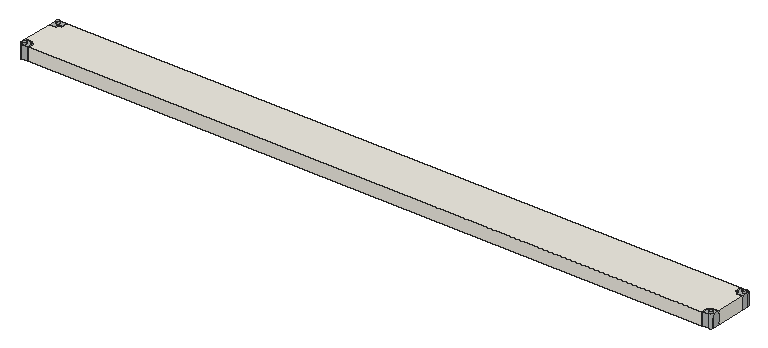
Revit family "HIGHTECH", category Осветительные приборы, Revit 2019 (continued)
Types (32, lengths in mm): name | Файл фотометрической сетки | built-in parameter 1150105 | Lumens | built-in parameter 1150106 | built-in parameter 1150142 | Wattage | Emit from Rectangle Width | Emit from Rectangle Length | Длина | Ширина | ADSK_Ток | ADSK_Полная мощность | ADSK_Обозначение | ADSK_Номинальная мощность | ADSK_Наименование | ADSK_Масса | ADSK_Код изделия
  Hightech-76/opal-sand 295х1195 (IP54, 4000К, белый) | "Светильник HIGHTECH-76 OPAL-SAND-(295x1195).ies" | 604.79 (stored number, unit not read) | 7600 lm | 6.0479 (stored number, unit not read) | "IESNA:LM-63-1995\r\n[TEST] Протокол №335/16 от 03.11.2016г. Испытательная лаборатория Государственного предприятия \"ЦСОТ НАН Беларуси\"\r\n[MORE] FFFFFFFD4B5B12BA015C1433E5FB5F5B8\r\n[DATA] 02.11.2016\r\n[MANUFAC] ЗАО \"Центрстройсвет\"\r\n[LUMCAT] Светильник HIGHTECH-76/OPAL-SAND-(295X1195)\r\n[LUMINAIRE] офисное освещение\r\n[LAMP] \r\nTILT=NONE\r\n1    -1.0   1.000 91 181 1 2   0.295   1.195   0.04\r\n1.0  1.0   75.50\r\n0.0 2.0 4.0 6.0 8.0 10.0 12.0 14.0 16.0 18.0 20.0 22.0 24.0 26.0 28.0 30.0 32.0 34.0 36.0 38.0 40.0 42.0 44.0 46.0 48.0 50.0 52.0 54.0 56.0 58.0 60.0 62.0 64.0 66.0 68.0 70.0 72.0 74.0 76.0 78.0 80.0 82.0 84.0 86.0 88.0 90.0 92.0 94.0 96.0 98.0 100.0 102.0 104.0 106.0 108.0 110.0 112.0 114.0 116.0 118.0 120.0 122.0 124.0 126.0 128.0 130.0 132.0 134.0 136.0 138.0 140.0 142.0 144.0 146.0 148.0 150.0 152.0 154.0 156.0 158.0 160.0 162.0 164.0 166.0 168.0 170.0 172.0 174.0 176.0 178.0 180.0 \r\n0.0 2.0 4.0 6.0 8.0 10.0 12.0 14.0 16.0 18.0 20.0 22.0 24.0 26.0 28.0 30.0 32.0 34.0 36.0 38.0 40.0 42.0 44.0 46.0 48.0 50.0 52.0 54.0 56.0 58.0 60.0 62.0 64.0 66.0 68.0 70.0 72.0 74.0 76.0 78.0 80.0 82.0 84.0 86.0 88.0 90.0 92.0 94.0 96.0 98.0 100.0 102.0 104.0 106.0 108.0 110.0 112.0 114.0 116.0 118.0 120.0 122.0 124.0 126.0 128.0 130.0 132.0 134.0 136.0 138.0 140.0 142.0 144.0 146.0 148.0 150.0 152.0 154.0 156.0 158.0 160.0 162.0 164.0 166.0 168.0 170.0 172.0 174.0 176.0 178.0 180.0 182.0 184.0 186.0 188.0 190.0 192.0 194.0 196.0 198.0 200.0 202.0 204.0 206.0 208.0 210.0 212.0 214.0 216.0 218.0 220.0 222.0 224.0 226.0 228.0 230.0 232.0 234.0 236.0 238.0 240.0 242.0 244.0 246.0 248.0 250.0 252.0 254.0 256.0 258.0 260.0 262.0 264.0 266.0 268.0 270.0 272.0 274.0 276.0 278.0 280.0 282.0 284.0 286.0 288.0 290.0 292.0 294.0 296.0 298.0 300.0 302.0 304.0 306.0 308.0 310.0 312.0 314.0 316.0 318.0 320.0 322.0 324.0 326.0 328.0 330.0 332.0 334.0 336.0 338.0 340.0 342.0 344.0 346.0 348.0 350.0 352.0 354.0 356.0 358.0 360.0 \r\n2755.907 2758.554 2753.161 2748.260 2733.459 2716.893 2696.309 2668.372 2638.377 2600.932 2557.411 2512.908 2465.466 2414.396 2357.836 2298.435 2239.229 2172.084 \r\n2104.547 2034.166 1962.708 1888.308 1811.654 1733.628 1653.446 1571.400 1488.670 1404.175 1318.796 1228.811 1141.474 1053.841 965.425 877.106 788.985 701.940 615.582 530.596 \r\n448.650 369.055 293.774 222.217 154.582 93.612 39.699 3.823 3.823 3.725 3.627 3.529 3.431 3.332 3.234 3.137 3.137 3.039 2.941 2.842 2.744 2.647 2.549 2.450 2.450 2.352 2.254 2.157 2.059 1.960 1.862 \r\n1.764 1.764 1.667 1.569 1.470 1.372 1.274 1.177 1.078 1.078 0.980 0.882 0.784 0.687 0.588 0.490 0.392 0.392 0.294 0.196 0.098 0.000 \r\n2755.907 2758.455 2753.064 2748.065 2733.166 2716.501 2695.819 2667.784 2637.692 2600.247 2556.724 2512.124 2464.681 2413.513 2356.954 2297.552 2238.249 2171.202 \r\n2103.565 2033.186 1961.727 1887.328 1810.674 1732.648 1652.465 1570.518 1487.788 1403.292 1317.816 1227.930 1140.689 1053.058 964.837 876.519 788.396 701.548 615.190 530.303 \r\n448.356 368.859 293.578 222.119 154.483 93.612 39.601 3.823 3.725 3.725 3.627 3.529 3.431 3.332 3.234 3.137 3.039 3.039 2.941 2.842 2.744 2.647 2.549 2.450 2.352 2.352 2.254 2.157 2.059 1.960 1.862 \r\n1.764 1.667 1.667 1.569 1.470 1.372 1.274 1.177 1.078 0.980 0.980 0.882 0.784 0.687 0.588 0.490 0.392 0.294 0.294 0.196 0.098 0.000 \r\n2755.907 2758.357 2752.868 2747.770 2732.871 2716.011 2695.329 2667.294 2637.005 2599.462 2556.039 2511.438 2463.897 2412.631 2356.072 2296.670 2237.269 2170.221 \r\n2102.585 2032.205 1960.747 1886.347 1809.694 1731.668 1651.485 1569.538 1486.905 1402.410 1316.934 1227.146 1139.905 1052.371 964.150 876.029 787.906 701.057 614.798 530.008 \r\n448.061 368.663 293.480 222.022 154.386 93.514 39.504 3.823 3.725 3.725 3.627 3.529 3.431 3.332 3.234 3.137 3.039 3.039 2.941 2.842 2.744 2.647 2.549 2.450 2.352 2.352 2.254 2.157 2.059 1.960 1.862 \r\n1.764 1.667 1.667 1.569 1.470 1.372 1.274 1.177 1.078 0.980 0.980 0.882 0.784 0.687 0.588 0.490 0.392 0.294 0.294 0.196 0.098 0.000 \r\n2755.907 2758.259 2752.770 2747.477 2732.577 2715.619 2694.741 2666.706 2636.319 2598.776 2555.352 2510.654 2463.113 2411.749 2355.190 2295.788 2236.289 2169.241 \r\n2101.605 2031.323 1959.767 1885.367 1808.713 1730.687 1650.505 1568.656 1485.925 1401.528 1316.052 1226.361 1139.219 1051.684 963.465 875.440 787.416 700.567 614.406 529.616 \r\n447.866 368.467 293.283 221.923 154.288 93.514 39.504 3.823 3.725 3.725 3.627 3.529 3.431 3.332 3.234 3.137 3.039 3.039 2.941 2.842 2.744 2.647 2.549 2.450 2.352 2.352 2.254 2.157 2.059 1.960 1.862 \r\n1.764 1.667 1.667 1.569 1.470 1.372 1.274 1.177 1.078 0.980 0.980 0.882 0.784 0.687 0.588 0.490 0.392 0.294 0.294 0.196 0.098 0.000 \r\n2755.907 2758.161 2752.671 2747.280 2732.283 2715.227 2694.250 2666.117 2635.633 2598.090 2554.764 2509.967 2462.329 2410.964 2354.406 2294.906 2235.309 2168.359 \r\n2100.625 2030.343 1958.787 1884.387 1807.733 1729.707 1649.525 1567.676 1485.043 1400.646 1315.072 1225.479 1138.435 1050.901 962.876 874.852 786.926 700.176 614.013 529.323 \r\n447.571 368.272 293.088 221.825 154.190 93.415 39.405 3.823 3.725 3.725 3.627 3.529 3.431 3.332 3.234 3.137 3.039 3.039 2.941 2.842 2.744 2.647 2.549 2.450 2.352 2.352 2.254 2.157 2.059 1.960 1.862 \r\n1.764 1.667 1.667 1.569 1.470 1.372 1.274 1.177 1.078 0.980 0.980 0.882 0.784 0.687 0.588 0.490 0.392 0.294 0.294 0.196 0.098 0.000 \r\n2755.907 2757.965 2752.574 2746.987 2731.989 2714.835 2693.662 2665.530 2635.045 2597.404 2554.078 2509.184 2461.545 2410.082 2353.524 2294.024 2234.328 2167.378 \r\n2099.743 2029.363 1957.708 1883.309 1806.753 1728.727 1648.643 1566.794 1484.161 1399.764 1314.190 1224.695 1137.651 1050.214 962.190 874.264 786.338 699.685 613.621 529.028 \r\n447.278 368.075 292.990 221.727 154.190 93.415 39.405 3.823 3.725 3.627 3.627 3.529 3.431 3.332 3.234 3.137 3.039 3.039 2.941 2.842 2.744 2.647 2.549 2.450 2.352 2.352 2.254 2.157 2.059 1.960 1.862 \r\n1.764 1.667 1.667 1.569 1.470 1.372 1.274 1.177 1.078 0.980 0.980 0.882 0.784 0.687 0.588 0.490 0.392 0.294 0.294 0.196 0.098 0.000 \r\n2755.907 2757.867 2752.378 2746.692 2731.695 2714.443 2693.172 2665.040 2634.358 2596.718 2553.392 2508.497 2460.760 2409.200 2352.642 2293.141 2233.348 2166.398 \r\n2098.763 2028.383 1956.728 1882.328 1805.773 1727.747 1647.662 1565.814 1483.181 1398.881 1313.307 1223.911 1136.965 1049.529 961.603 873.675 785.848 699.195 613.230 528.734 \r\n446.983 367.879 292.793 221.629 154.091 93.317 39.307 3.823 3.725 3.627 3.627 3.529 3.431 3.332 3.234 3.137 3.039 2.941 2.941 2.842 2.744 2.647 2.549 2.450 2.352 2.352 2.254 2.157 2.059 1.960 1.862 \r\n1.764 1.667 1.667 1.569 1.470 1.372 1.274 1.177 1.078 0.980 0.980 0.882 0.784 0.687 0.588 0.490 0.392 0.294 0.294 0.196 0.098 0.000 \r\n2755.907 2757.769 2752.279 2746.497 2731.302 2713.953 2692.682 2664.452 2633.673 2596.031 2552.705 2507.713 2459.976 2408.417 2351.759 2292.259 2232.368 2165.418 \r\n2097.782 2027.403 1955.748 1881.348 1804.694 1726.767 1646.682 1564.931 1482.299 1398.097 1312.327 1223.029 1136.181 1048.842 960.916 873.088 785.357 698.803 612.838 528.342 \r\n446.788 367.683 292.598 221.532 153.993 93.220 39.209 3.823 3.725 3.627 3.627 3.529 3.431 3.332 3.234 3.137 3.039 2.941 2.941 2.842 2.744 2.647 2.549 2.450 2.352 2.352 2.254 2.157 2.059 1.960 1.862 \r\n1.764 1.667 1.667 1.569 1.470 1.372 1.274 1.177 1.078 0.980 0.980 0.882 0.784 0.687 0.588 0.490 0.392 0.294 0.294 0.196 0.098 0.000 \r\n2755.907 2757.671 2752.181 2746.202 2731.009 2713.561 2692.094 2663.863 2632.986 2595.346 2552.020 2507.027 2459.192 2407.534 2350.877 2291.377 2231.387 2164.536 \r\n2096.802 2026.520 1954.768 1880.368 1803.714 1725.787 1645.702 1563.951 1481.416 1397.215 1311.445 1222.245 1135.396 1048.058 960.229 872.500 784.867 698.313 612.446 528.048 \r\n446.493 367.487 292.500 221.433 153.896 93.220 39.209 3.823 3.725 3.627 3.627 3.529 3.431 3.332 3.234 3.137 3.039 2.941 2.941 2.842 2.744 2.647 2.549 2.450 2.352 2.254 2.254 2.157 2.059 1.960 1.862 \r\n1.764 1.667 1.667 1.569 1.470 1.372 1.274 1.177 1.078 0.980 0.980 0.882 0.784 0.687 0.588 0.490 0.392 0.294 0.294 0.196 0.098 0.000 \r\n2755.907 2757.573 2752.084 2745.908 2730.715 2713.169 2691.603 2663.275 2632.300 2594.659 2551.333 2506.341 2458.408 2406.652 2349.995 2290.495 2230.407 2163.556 \r\n2095.822 2025.539 1953.788 1879.388 1802.734 1724.806 1644.722 1563.069 1480.436 1396.332 1310.465 1221.460 1134.711 1047.372 959.642 872.010 784.279 697.921 612.053 527.754 \r\n446.199 367.193 292.303 221.335 153.798 93.122 39.111 3.823 3.725 3.627 3.627 3.529 3.431 3.332 3.234 3.137 3.039 2.941 2.941 2.842 2.744 2.647 2.549 2.450 2.352 2.254 2.254 2.157 2.059 1.960 1.862 \r\n1.764 1.667 1.667 1.569 1.470 1.372 1.274 1.177 1.078 0.980 0.980 0.882 0.784 0.687 0.588 0.490 0.392 0.294 0.294 0.196 0.098 0.000 \r\n2755.907 2757.475 2751.986 2745.615 2730.420 2712.777 2691.113 2662.785 2631.614 2593.973 2550.648 2505.556 2457.624 2405.770 2349.113 2289.612 2229.426 2162.576 \r\n2094.842 2024.559 1952.709 1878.309 1801.754 1723.826 1643.742 1562.089 1479.554 1395.450 1309.583 1220.578 1133.926 1046.685 958.956 871.421 783.789 697.431 611.661 527.459 \r\n445.905 366.997 292.108 221.237 153.798 93.122 39.013 3.823 3.725 3.627 3.529 3.529 3.431 3.332 3.234 3.137 3.039 2.941 2.941 2.842 2.744 2.647 2.549 2.450 2.352 2.254 2.254 2.157 2.059 1.960 1.862 \r\n1.764 1.667 1.667 1.569 1.470 1.372 1.274 1.177 1.078 0.980 0.980 0.882 0.784 0.687 0.588 0.490 0.392 0.294 0.294 0.196 0.098 0.000 \r\n2755.907 2757.279 2751.789 2745.418 2730.127 2712.384 2690.525 2662.197 2631.026 2593.287 2550.059 2504.871 2456.839 2404.985 2348.231 2288.730 2228.446 2161.694 \r\n2093.960 2023.579 1951.729 1877.329 1800.774 1722.846 1642.860 1561.207 1478.672 1394.568 1308.701 1219.793 1133.142 1046.000 958.367 870.833 783.299 696.941 611.269 527.067 \r\n445.709 366.800 292.010 221.041 153.700 93.024 39.013 3.823 3.725 3.627 3.529 3.529 3.431 3.332 3.234 3.137 3.039 2.941 2.941 2.842 2.744 2.647 2.549 2.450 2.352 2.254 2.254 2.157 2.059 1.960 1.862 \r\n1.764 1.667 1.569 1.569 1.470 1.372 1.274 1.177 1.078 0.980 0.980 0.882 0.784 0.687 0.588 0.490 0.392 0.294 0.294 0.196 0.098 0.000 \r\n2755.907 2757.180 2751.691 2745.124 2729.832 2711.992 2690.035 2661.608 2630.339 2592.601 2549.373 2504.086 2456.055 2404.103 2347.348 2287.848 2227.466 2160.713 \r\n2092.980 2022.599 1950.749 1876.349 1799.793 1721.768 1641.879 1560.226 1477.691 1393.686 1307.720 1219.010 1132.456 1045.215 957.681 870.245 782.809 696.548 610.877 526.774 \r\n445.414 366.605 291.813 220.943 153.601 93.024 38.915 3.823 3.725 3.627 3.529 3.529 3.431 3.332 3.234 3.137 3.039 2.941 2.842 2.842 2.744 2.647 2.549 2.450 2.352 2.254 2.254 2.157 2.059 1.960 1.862 \r\n1.764 1.667 1.569 1.569 1.470 1.372 1.274 1.177 1.078 0.980 0.980 0.882 0.784 0.687 0.588 0.490 0.392 0.294 0.294 0.196 0.098 0.000 \r\n2755.907 2757.083 2751.594 2744.830 2729.539 2711.502 2689.545 2661.021 2629.654 2591.915 2548.687 2503.401 2455.271 2403.221 2346.564 2286.966 2226.486 2159.733 \r\n2091.999 2021.619 1949.769 1875.369 1798.813 1720.787 1640.899 1559.344 1476.809 1392.804 1306.837 1218.128 1131.672 1044.529 957.093 869.656 782.319 696.058 610.485 526.479 \r\n445.121 366.408 291.618 220.845 153.503 92.925 38.915 3.823 3.725 3.627 3.529 3.529 3.431 3.332 3.234 3.137 3.039 2.941 2.842 2.842 2.744 2.647 2.549 2.450 2.352 2.254 2.254 2.157 2.059 1.960 1.862 \r\n1.764 1.667 1.569 1.569 1.470 1.372 1.274 1.177 1.078 0.980 0.980 0.882 0.784 0.687 0.588 0.490 0.392 0.294 0.294 0.196 0.098 0.000 \r\n2755.907 2756.985 2751.496 2744.634 2729.244 2711.110 2688.957 2660.531 2628.967 2591.228 2548.001 2502.616 2454.389 2402.339 2345.682 2286.084 2225.506 2158.850 \r\n2091.019 2020.737 1948.690 1874.290 1797.833 1719.807 1639.919 1558.364 1475.926 1392.019 1305.955 1217.343 1130.887 1043.843 956.407 869.069 781.730 695.568 610.093 526.185 \r\n444.827 366.213 291.519 220.747 153.406 92.925 38.817 3.823 3.725 3.627 3.529 3.431 3.431 3.332 3.234 3.137 3.039 2.941 2.842 2.842 2.744 2.647 2.549 2.450 2.352 2.254 2.254 2.157 2.059 1.960 1.862 \r\n1.764 1.667 1.569 1.569 1.470 1.372 1.274 1.177 1.078 0.980 0.980 0.882 0.784 0.687 0.588 0.490 0.392 0.294 0.294 0.196 0.098 0.000 \r\n2755.907 2756.887 2751.398 2744.340 2728.852 2710.718 2688.466 2659.943 2628.281 2590.542 2547.314 2501.930 2453.605 2401.554 2344.799 2285.201 2224.525 2157.870 \r\n2090.039 2019.756 1947.710 1873.310 1796.853 1718.827 1638.939 1557.481 1474.946 1391.137 1304.975 1216.559 1130.201 1043.157 955.720 868.481 781.240 695.176 609.701 525.794 \r\n444.631 366.016 291.323 220.649 153.406 92.827 38.719 3.823 3.725 3.627 3.529 3.431 3.431 3.332 3.234 3.137 3.039 2.941 2.842 2.842 2.744 2.647 2.549 2.450 2.352 2.254 2.157 2.157 2.059 1.960 1.862 \r\n1.764 1.667 1.569 1.569 1.470 1.372 1.274 1.177 1.078 0.980 0.980 0.882 0.784 0.687 0.588 0.490 0.392 0.294 0.294 0.196 0.098 0.000 \r\n2755.907 2756.789 2751.201 2744.046 2728.558 2710.326 2687.879 2659.354 2627.693 2589.856 2546.629 2501.244 2452.820 2400.672 2343.917 2284.320 2223.545 2156.890 \r\n2089.059 2018.776 1946.730 1872.330 1795.774 1717.847 1638.056 1556.501 1474.064 1390.255 1304.093 1215.677 1129.417 1042.373 955.133 867.991 780.750 694.686 609.309 525.499 \r\n444.337 365.820 291.128 220.551 153.308 92.730 38.719 3.823 3.725 3.627 3.529 3.431 3.431 3.332 3.234 3.137 3.039 2.941 2.842 2.842 2.744 2.647 2.549 2.450 2.352 2.254 2.157 2.157 2.059 1.960 1.862 \r\n1.764 1.667 1.569 1.569 1.470 1.372 1.274 1.177 1.078 0.980 0.980 0.882 0.784 0.687 0.588 0.490 0.392 0.294 0.294 0.196 0.098 0.000 \r\n2755.907 2756.592 2751.104 2743.850 2728.264 2709.934 2687.389 2658.864 2627.007 2589.170 2545.942 2500.459 2452.036 2399.790 2343.035 2283.438 2222.565 2156.008 \r\n2088.079 2017.796 1945.750 1871.350 1794.794 1716.867 1637.076 1555.619 1473.182 1389.372 1303.113 1214.892 1128.633 1041.687 954.446 867.402 780.260 694.294 608.917 525.205 \r\n444.042 365.625 291.029 220.453 153.209 92.730 38.621 3.823 3.725 3.627 3.529 3.431 3.431 3.332 3.234 3.137 3.039 2.941 2.842 2.744 2.744 2.647 2.549 2.450 2.352 2.254 2.157 2.157 2.059 1.960 1.862 \r\n1.764 1.667 1.569 1.569 1.470 1.372 1.274 1.177 1.078 0.980 0.882 0.882 0.784 0.687 0.588 0.490 0.392 0.294 0.294 0.196 0.098 0.000 \r\n2755.907 2756.495 2751.006 2743.556 2727.970 2709.443 2686.899 2658.276 2626.320 2588.484 2545.255 2499.773 2451.252 2399.006 2342.153 2282.556 2221.585 2155.028 \r\n2087.196 2016.816 1944.769 1870.370 1793.814 1715.886 1636.095 1554.639 1472.202 1388.490 1302.231 1214.109 1127.946 1041.000 953.858 866.814 779.672 693.804 608.524 524.912 \r\n443.749 365.330 290.833 220.355 153.111 92.632 38.523 3.823 3.725 3.627 3.529 3.431 3.431 3.332 3.234 3.137 3.039 2.941 2.842 2.744 2.744 2.647 2.549 2.450 2.352 2.254 2.157 2.157 2.059 1.960 1.862 \r\n1.764 1.667 1.569 1.569 1.470 1.372 1.274 1.177 1.078 0.980 0.882 0.882 0.784 0.687 0.588 0.490 0.392 0.294 0.294 0.196 0.098 0.000 \r\n2755.907 2756.397 2750.907 2743.261 2727.676 2709.052 2686.311 2657.687 2625.635 2587.700 2544.668 2498.989 2450.468 2398.124 2341.271 2281.673 2220.605 2154.047 \r\n2086.215 2015.836 1943.691 1869.292 1792.834 1714.906 1635.115 1553.757 1471.320 1387.608 1301.348 1213.227 1127.163 1040.314 953.173 866.226 779.182 693.314 608.132 524.519 \r\n443.552 365.134 290.637 220.257 153.013 92.632 38.523 3.823 3.725 3.627 3.529 3.431 3.332 3.332 3.234 3.137 3.039 2.941 2.842 2.744 2.744 2.647 2.549 2.450 2.352 2.254 2.157 2.157 2.059 1.960 1.862 \r\n1.764 1.667 1.569 1.569 1.470 1.372 1.274 1.177 1.078 0.980 0.882 0.882 0.784 0.687 0.588 0.490 0.392 0.294 0.294 0.196 0.098 0.000 \r\n2755.907 2756.299 2750.711 2742.968 2727.382 2708.660 2685.821 2657.100 2624.948 2587.013 2543.982 2498.303 2449.684 2397.242 2340.388 2280.791 2219.624 2153.166 \r\n2085.235 2014.954 1942.711 18
